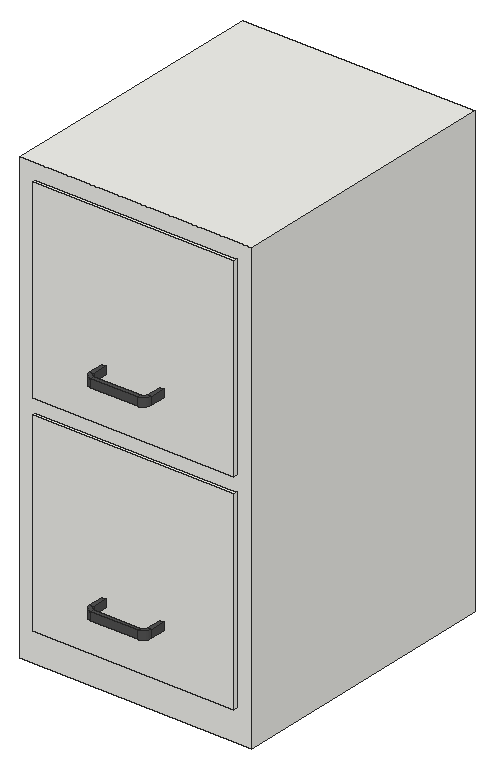
Revit family "Cabinet-File 2 Drawer", category Furniture, Revit 2018
Family settings
  OmniClass Number = 23.40.20.24.24
  OmniClass Title = Filing Cabinets
  Work Plane-Based = No
  Always vertical = Yes
  Cut with Voids When Loaded = No
  Shared = No
  Room Calculation Point = No
Parameters (values of type "15" x 18"")
  Assembly Code = "E2020200"
  Cabinet Material = Steel, Paint Finish, Ivory, Glossy
  Depth = 1' - 6"
  Handle Material = Steel, Chrome Plated
  Height = 2' - 5"
  Width = 1' - 3"
Types (7): name | Depth | Height | Width
  (no name) | 1' - 6" | 2' - 5" | 1' - 3"
  15" x 18" | 1' - 6" | 2' - 5" | 1' - 3"
  15" x 25" | 2' - 1" | 2' - 5" | 1' - 3"
  15" x 29" | 2' - 5" | 2' - 5" | 1' - 3"
  18" x 29" | 2' - 5" | 2' - 5" | 1' - 6"
  36" x 15" Lat. | 1' - 3" | 2' - 4" | 3' - 0"
  36" x 18" Lat. | 1' - 6" | 2' - 4" | 3' - 0"
Reference planes (in)
  plane 1 "Center (Front/Back)": y = -5.59584
  plane 2: z = 0
  plane 3 "Center (Left/Right)": x = -5.03529
  plane 4: x = 2.46471
  plane 5: x = -12.53529
  plane 6: y = 3.40416
  plane 7: y = -14.59584
  plane 8: z = 29
  plane 9: z = 2
  plane 10: y = -14.84584
Forms (in)
  Extrusion 1, solid, material "Steel, Paint Finish, Ivory, Glossy" <- "Cabinet Material"
    sketch origin (0, 3.40416, 0) x (1, 0, 0) y (0, 0, 1)
      loop
        line (-11.53529, 28) -> (-11.53529, 15.5) -> (1.46471, 15.5) -> (1.46471, 28) -> (-11.53529, 28)
      loop
        line (-11.53529, 14.5) -> (-11.53529, 2) -> (1.46471, 2) -> (1.46471, 14.5) -> (-11.53529, 14.5)
    from 18 to 18.25
  Extrusion 2, solid, material "Steel, Paint Finish, Ivory, Glossy" <- "Cabinet Material"
    sketch origin (0, 0, 0) x (1, 0, 0) y (0, 1, 0)
      loop
        line (-12.53529, 3.40416) -> (-12.53529, -14.59584) -> (2.46471, -14.59584) -> (2.46471, 3.40416) -> (-12.53529, 3.40416)
    from 0 to 29
  Sweep 3, solid, material "Steel, Chrome Plated" <- "Handle Material"
    path origin (0, 0, 0) x (1, 0, 0) y (0, 1, 0)
      loop
        line (-7.03529, -14.84584) -> (-7.03529, -15.84584)
        arc (-7.03529, -15.84584) -> (-6.88885, -16.19939) -> (-6.53529, -16.34584) r 0.5
        line (-6.53529, -16.34584) -> (-3.53529, -16.34584)
        arc (-3.53529, -16.34584) -> (-3.18174, -16.19939) -> (-3.03529, -15.84584) r 0.5
        line (-3.03529, -15.84584) -> (-3.03529, -14.84584)
    profile origin (0, -15.34584, 0) x (1, 0, 0) y (0, 0, 1)
      loop
        line (-7.03529, 5) -> (-6.78529, 5) -> (-6.78529, 5.5) -> (-7.03529, 5.5) -> (-7.03529, 5)
      loop
        line (-7.03529, 18.5) -> (-6.78529, 18.5) -> (-6.78529, 19) -> (-7.03529, 19) -> (-7.03529, 18.5)
Lines and regions (in)
  Masking region 1
    outline origin (0, 0, 0) x (1, 0, 0) y (0, 1, 0)
      loop
        line (-12.53529, 3.40416) -> (-12.53529, -14.59584) -> (2.46471, -14.59584) -> (2.46471, 3.40416) -> (-12.53529, 3.40416)
  Masking region 2
    outline origin (0, 0, 0) x (1, 0, 0) y (0, 1, 0)
      loop
        line (-11.53529, -14.59584) -> (-11.53529, -14.84584) -> (1.46471, -14.84584) -> (1.46471, -14.59584) -> (-11.53529, -14.59584)
  symbolic lines
    curve 1: line (-6.78529, -15.84584, 0) -> (-6.78529, -14.84584, 0)
    curve 2: arc (-6.78529, -15.84584, 0) -> (-6.71207, -16.02262, 0) -> (-6.53529, -16.09584, 0) r 0.25
    curve 3: line (-3.53529, -16.09584, 0) -> (-6.53529, -16.09584, 0)
    curve 4: line (-3.28529, -14.84584, 0) -> (-3.28529, -15.84584, 0)
    curve 5: arc (-3.53529, -16.09584, 0) -> (-3.35852, -16.02262, 0) -> (-3.28529, -15.84584, 0) r 0.25
Dimensions and locks (in)
  equal spacing: plane 5, plane 3 "Center (Left/Right)", plane 4
  equal spacing: plane 7, plane 1 "Center (Front/Back)", plane 6
  "Width": plane 5 to plane 4
  "Depth": plane 7 to plane 6
  "Height": plane 8 to plane 2
  plane 7 to plane 10 = 0' - 0 1/4"
  aligned and locked: Extrusion 2 to plane 8
  aligned and locked: Extrusion 2 to level
  aligned and locked: Extrusion 1 to plane 7
  aligned and locked: Extrusion 1 to plane 10
  aligned and locked: plane 6 to Masking region 1 sketch curve
  aligned and locked: Masking region 1 sketch curve to plane 7
  aligned and locked: plane 4 to Masking region 1 sketch curve
  aligned and locked: Masking region 1 sketch curve to plane 5
  aligned and locked: plane 10 to Masking region 2 sketch curve
  aligned and locked: Masking region 2 sketch curve to Extrusion 1  (x2)
  aligned and locked: plane 7 to Masking region 2 sketch curve
  aligned and locked: curve 1 to Sweep 3
  aligned and locked: curve 3 to Sweep 3
  aligned and locked: curve 4 to Sweep 3
  aligned: curve 5 to Sweep 3
Automatic sketch dimensions
  Extrusion 1 sketch curve to plane 5 = 0' - 1"  (x2)
  plane 4 to Extrusion 1 sketch curve = 0' - 1"  (x2)
  level to Extrusion 1 sketch curve = 0' - 2"
  plane 8 to Extrusion 1 sketch curve = 0' - 1"
  Extrusion 2 sketch curve to plane 4 = 0' - 0"
  Extrusion 2 sketch curve to plane 7 = 0' - 0"
  Sweep 3 sketch curve to plane 10 = 0' - 0"  (x2)
  Sweep 3 sketch curve to plane 10 = 0' - 1"
  Sweep 3 sketch curve to plane 3 "Center (Left/Right)" = 0' - 2"
  Sweep 3 sketch curve to Sweep 3 sketch curve = 0' - 0 1/2"  (x3)
  plane 3 "Center (Left/Right)" to Sweep 3 sketch curve = 0' - 1 1/2"
  plane 7 to Sweep 3 sketch curve = 0' - 1 1/4"
  Sweep 3 sketch curve to profile plane = 0' - 0"  (x2)
  Sweep 3 sketch curve to profile plane = 0' - 0 1/4"  (x2)
  level to Sweep 3 sketch curve = 0' - 5"
  Sweep 3 sketch curve to Sweep 3 sketch curve = 1' - 1"
  Extrusion 1 sketch curve to Extrusion 1 sketch curve = 0' - 1"
  Extrusion 1 sketch curve to Extrusion 1 sketch curve = 1' - 0 1/2"
  Extrusion 2 sketch curve to plane 5 = 0' - 0"
  Extrusion 2 sketch curve to plane 6 = 0' - 0"
  curve 1 to plane 10 = 0' - 0"
  curve 1 to curve 2 = 0' - 0 1/4"
  curve 4 to plane 10 = 0' - 0"
  curve 3 to curve 4 = 0' - 0 1/4"
